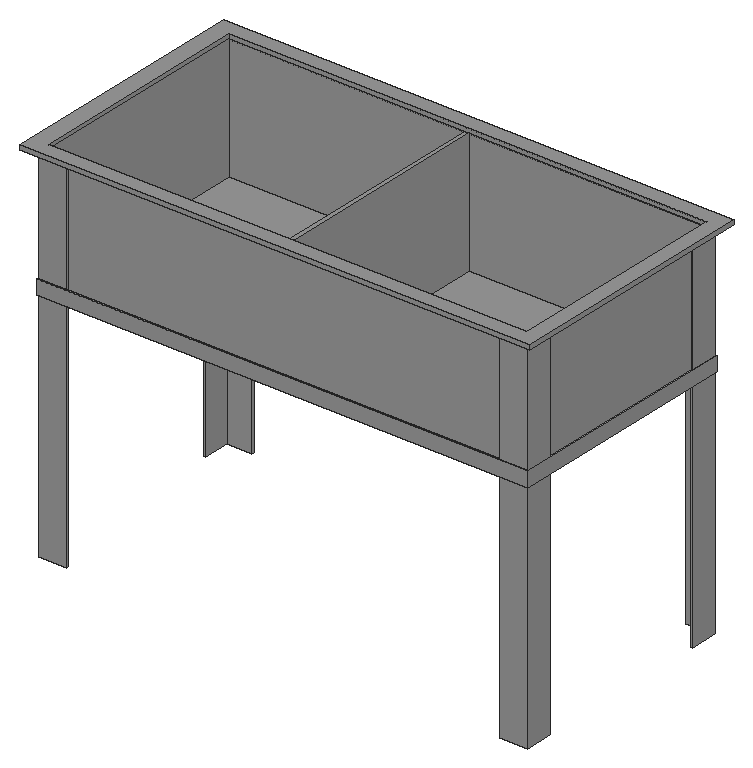
Revit family "АВЛН_Ванна моечная", category Мебель, Revit 2019
Family settings
  Номер OmniClass = 23.40.20.00
  Заголовок OmniClass = General Furniture and Specialties
  На основе рабочей плоскости = Нет
  Всегда вертикально = Да
  При загрузке вырезать с полостями = Нет
  Общий = Нет
  Точка расчета площади = Нет
Parameters (values of type "Ванна моечная, 2-секционная, каркас угол")
  Описание = "Ванна моечная, 2-секционная, каркас угол\r\nоцинкованная сталь;\r\nгаб.1200х600х870мм"
  Односекционная = no
  Материал элемента = Сталь, гальванизированная
  Type Comments = ""
  Keynote = ""
  Изготовитель = "«Сухаревка» Москва"
  Двусекционная = yes
  Группа модели = "Оборудование мед.блока"  # constant formula
  ADSK_Размер_Ширина = 600 mm
  ADSK_Размер_Длина = 1200 mm
  ADSK_Размер_Высота = 870 mm
  ADSK_Обозначение = "ВМ-2/600Н RADA"
  ADSK_Масса = 0
  ADSK_Код изделия = ""
  ADSK_Единица измерения = "шт"  # constant formula
Types (3, lengths in mm): name | Описание | Односекционная | Двусекционная | ADSK_Размер_Длина | ADSK_Размер_Высота | ADSK_Обозначение
  (no name) | "Ванна моечная, 2-секционная, каркас угол\r\nоцинкованная сталь;\r\nгаб.1200х600х870мм" | no | yes | 1200 | 870 | "ВМ-2/600Н RADA"
  Ванна моечная, одно-секционная, каркас угол оцинк. сталь | "Ванна моечная, одно-секционная, каркас угол\r\nоцинкованная сталь; габ.600х600х850мм" | yes | no | 800 | 850 | "ВМ-1/600Н RADA"
  Ванна моечная, 2-секционная, каркас угол | "Ванна моечная, 2-секционная, каркас угол\r\nоцинкованная сталь;\r\nгаб.1200х600х870мм" | no | yes | 1200 | 870 | "ВМ-2/600Н RADA"
Reference planes
  plane 1 "По центру (Вперед/Назад)": y = 0
  plane 2: z = 0
  plane 3 "По центру (Влево/Вправо)": x = 0
  plane 4: z = 870
  plane 5: y = 300
  plane 6: x = 600
  plane 7: x = -600
  plane 8: y = -300
  plane 9 "Мойка": z = 570
  plane 10: x = 570.233
  plane 11: x = -570.233
  plane 12: y = 270
  plane 13: y = -270
  plane 14 "Стойки": z = 250
Forms (mm)
  Extrusion 1, solid, material "Сталь, гальванизированная" <- "Материал элемента"
    sketch origin (0, -518.993, 592.976) x (-1, 0, 0) y (0, -1, 0)
      loop
        line (570.233, -788.993) -> (570.233, -248.993) -> (-570.233, -248.993) -> (-570.233, -788.993) -> (570.233, -788.993)
      loop
        line (560.233, -783.993) -> (560.233, -253.993) -> (-565.233, -253.993) -> (-565.233, -783.993) -> (560.233, -783.993)
    from -42.976 to 267.024
  Extrusion 2, solid, material "Сталь, гальванизированная" <- "Материал элемента"
    sketch origin (0, 0, 0) x (1, 0, 0) y (0, 0, 1)
      loop
        line (565.233, 570) -> (-560.233, 570) -> (-560.233, 555) -> (565.233, 555) -> (565.233, 570)
    from -265 to 265
  Extrusion 3, solid, material "Сталь, гальванизированная" <- "Материал элемента"
    sketch origin (0, -518.993, 695.976) x (-1, 0, 0) y (0, -1, 0)
      loop
        line (600, -818.993) -> (600, -218.993) -> (-600, -218.993) -> (-600, -818.993) -> (600, -818.993)
      loop
        line (560.233, -783.993) -> (560.233, -253.993) -> (-565.233, -253.993) -> (-565.233, -783.993) -> (560.233, -783.993)
    from 164.024 to 174.024
  Sweep 4, solid, material "Сталь, гальванизированная" <- "Материал элемента"
    path origin (0, 0, 570) x (1, 0, 0) y (0, 1, 0)
      loop
        line (-570.233, 270) -> (-570.233, -270) -> (570.233, -270) -> (570.233, 270) -> (-570.233, 270)
    profile origin (0, 270, 570) x (0, 1, 0) y (0, 0, 1)
      loop
        line (8, 17) -> (5, 17) -> (5, -15) -> (-27, -15) -> (-27, -18) -> (8, -18) -> (8, 17)
  Extrusion 5, solid, material "Сталь, гальванизированная" <- "Материал элемента"
    sketch origin (0, 0, 570) x (1, 0, 0) y (0, 1, 0)
      loop
        line (-575.233, 275) -> (-575.233, 210) -> (-570.233, 210) -> (-570.233, 270) -> (-510.233, 270) -> (-510.233, 275) -> (-575.233, 275)
      loop
        line (-575.233, -275) -> (-510.233, -275) -> (-510.233, -270) -> (-570.233, -270) -> (-570.233, -210) -> (-575.233, -210) -> (-575.233, -275)
      loop
        line (575.233, -275) -> (575.233, -210) -> (570.233, -210) -> (570.233, -270) -> (510.233, -270) -> (510.233, -275) -> (575.233, -275)
      loop
        line (575.233, 275) -> (510.233, 275) -> (510.233, 270) -> (570.233, 270) -> (570.233, 210) -> (575.233, 210) -> (575.233, 275)
    from -570 to 290
  Extrusion 6, solid, material "Сталь, гальванизированная" <- "Материал элемента", visible <- "Двусекционная"
    sketch origin (0, 0, 570) x (1, 0, 0) y (0, 1, 0)
      loop
        line (-5, 265) -> (-5, -265) -> (5, -265) -> (5, 265) -> (-5, 265)
    from -20 to 290
Lines and regions (mm)
  symbolic lines, visible <- "Односекционная"
    curve 1: circle (0, 0, 592.976) r 40 normal (0, 0, 1)
    curve 2: line (0, 40, 592.976) -> (0, -40, 592.976)
    curve 3: line (40, 0, 592.976) -> (-40, 0, 592.976)
  reference lines
    curve 4: line (-285.116, 105, 570) -> (-285.116, -105, 570)
    curve 5: line (285.116, 105, 570) -> (285.116, -105, 570)
  symbolic lines, visible <- "Двусекционная"
    curve 6: circle (-285.116, 0, 570) r 35 normal (0, 0, 1)
    curve 7: circle (285.116, 0, 570) r 35 normal (0, 0, 1)
Dimensions and locks
  plane 2 to plane 4 = 870 mm
  equal spacing: plane 8, plane 1 "По центру (Вперед/Назад)", plane 5
  equal spacing: plane 7, plane 3 "По центру (Влево/Вправо)", plane 6
  "ADSK_Размер_Длина": plane 7 to plane 6
  "ADSK_Размер_Ширина": plane 5 to plane 8
  "ADSK_Размер_Высота": plane 2 to plane 4
  locked: Extrusion 2 sketch curve to plane 9 "Мойка" at 15
  locked: plane 9 "Мойка" to plane 4 at 300
  locked: Extrusion 3 to plane 4 at 10
  locked: plane 11 to plane 7 at 29.767
  locked: plane 6 to plane 10 at 29.767
  locked: plane 13 to plane 8 at 30
  locked: plane 5 to plane 12 at 30
  locked: Extrusion 1 sketch curve to plane 12 at 5
  locked: plane 13 to Extrusion 1 sketch curve at 5
  locked: plane 11 to Extrusion 5 sketch curve at 60  (x2)
  locked: Extrusion 5 sketch curve to plane 12 at 60  (x2)
  locked: Extrusion 5 sketch curve to plane 11 at 5  (x2)
  locked: plane 12 to Extrusion 5 sketch curve at 5  (x2)
  locked: plane 10 to Extrusion 5 sketch curve at 5  (x2)
  locked: Extrusion 5 sketch curve to plane 13 at 5  (x2)
  locked: plane 13 to Extrusion 5 sketch curve at 60  (x2)
  locked: Extrusion 5 sketch curve to plane 10 at 60  (x2)
  locked: Extrusion 1 sketch curve to plane 10 at 5
  plane 11 to Extrusion 1 sketch curve = 10 mm
  locked: plane 11 to Extrusion 1 at 10
  Extrusion 6 sketch curve to plane 3 "По центру (Влево/Вправо)" to Extrusion 6 sketch curve = 5 mm locked, 5 mm locked
  equal spacing: plane 11, curve 4, plane 3 "По центру (Влево/Вправо)"
  equal spacing: plane 3 "По центру (Влево/Вправо)", curve 5, plane 10
  radius of curve 6 = 35 mm
  radius of curve 7 = 35 mm
  aligned and locked: level to plane 2
  aligned and locked: curve 3 to plane 1 "По центру (Вперед/Назад)"
  aligned and locked: curve 2 to plane 3 "По центру (Влево/Вправо)"
  aligned and locked: Extrusion 3 sketch curve to plane 5
  aligned and locked: Extrusion 3 sketch curve to plane 7
  aligned and locked: Extrusion 3 sketch curve to plane 8
  aligned and locked: Extrusion 3 sketch curve to plane 6
  aligned and locked: Extrusion 3 to plane 4
  aligned and locked: Extrusion 1 to Extrusion 3
  aligned and locked: plane 12 to Sweep 4 sketch curve
  aligned and locked: plane 11 to Sweep 4 sketch curve
  aligned and locked: Sweep 4 sketch curve to plane 13
  aligned and locked: plane 10 to Sweep 4 sketch curve
  aligned and locked: Extrusion 1 sketch curve to plane 13
  aligned and locked: plane 11 to Extrusion 1 sketch curve
  aligned and locked: plane 12 to Extrusion 1 sketch curve
  aligned and locked: plane 10 to Extrusion 1 sketch curve
  aligned and locked: Extrusion 3 to Extrusion 1  (x4)
  aligned and locked: Extrusion 5 sketch curve to plane 11
  aligned and locked: Extrusion 5 sketch curve to plane 12
  aligned and locked: Extrusion 5 to level
  aligned and locked: Extrusion 5 to Extrusion 1
  aligned and locked: plane 11 to Extrusion 5 sketch curve
  aligned and locked: plane 13 to Extrusion 5 sketch curve
  aligned and locked: Extrusion 5 sketch curve to plane 10
  aligned and locked: plane 12 to Extrusion 5 sketch curve
  aligned and locked: plane 10 to Extrusion 5 sketch curve
  aligned and locked: Extrusion 2 to Extrusion 1  (x4)
  aligned and locked: Extrusion 1 to Extrusion 6 sketch curve  (x2)
  aligned and locked: Extrusion 1 to Extrusion 6  (x2)
Automatic sketch dimensions
  plane 1 "По центру (Вперед/Назад)" to curve 1 = 0 mm
  curve 1 to plane 3 "По центру (Влево/Вправо)" = 0 mm
  plane 3 "По центру (Влево/Вправо)" to curve 3 = 40 mm
  Extrusion 1 sketch curve to plane 11 = 0 mm
  Extrusion 2 sketch curve to plane 9 "Мойка" = 0 mm
  plane 11 to Extrusion 2 sketch curve = 10 mm
  plane 10 to Extrusion 2 sketch curve = 5 mm
  plane 10 to Extrusion 3 sketch curve = 5 mm
  plane 11 to Extrusion 3 sketch curve = 10 mm
  plane 12 to Extrusion 3 sketch curve = 5 mm
  Extrusion 3 sketch curve to plane 13 = 5 mm
  profile plane to Sweep 4 sketch curve = 27 mm
  Sweep 4 sketch curve to profile plane = 5 mm
  Sweep 4 sketch curve to Sweep 4 sketch curve = 3 mm  (x2)
  Sweep 4 sketch curve to plane 9 "Мойка" = 18 mm
  plane 9 "Мойка" to Sweep 4 sketch curve = 17 mm
  plane 13 to Extrusion 5 sketch curve = 0 mm
  plane 1 "По центру (Вперед/Назад)" to curve 4 = 105 mm
  plane 1 "По центру (Вперед/Назад)" to curve 5 = 105 mm
  curve 5 to plane 1 "По центру (Вперед/Назад)" = 105 mm
  curve 4 to plane 1 "По центру (Вперед/Назад)" = 105 mm
  plane 1 "По центру (Вперед/Назад)" to curve 6 = 0 mm
  plane 1 "По центру (Вперед/Назад)" to curve 7 = 0 mm
  curve 6 to plane 3 "По центру (Влево/Вправо)" = 285.116 mm
  plane 3 "По центру (Влево/Вправо)" to curve 7 = 285.116 mm
